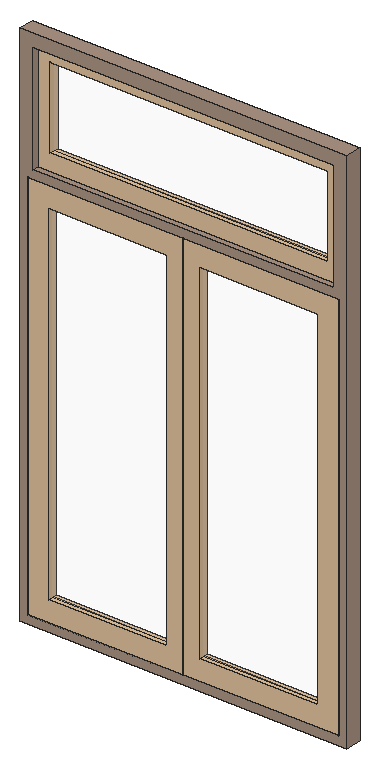
Revit family
Parameters (values of type "1200x1500 mm")
  Ventilator Height = 450 mm
  Top Rail = 60 mm
  Stile = 60 mm
  Shutter = Light Wood
  Panel = Glass (2)
  Height = 1500 mm
  Frame Width = 45 mm
  Frame Depth = 60 mm
  Frame = Dark Wood
  Default Sill Height = 800 mm
  Wall Closure = (empty or 0)
  Width = 1200 mm
  Bottom Rail = 60 mm
Types (4, lengths in mm): name | Width
  (no name) | 1200
  1500x1500 mm | 1500
  1200x1500 mm | 1200
  1800x1500 mm | 1800
Reference planes
  plane 1: y = 5
  plane 2 "Center (Left/Right)": x = 0
  plane 3 "Left": x = -600
  plane 4 "Right": x = 600
  plane 5 "Sill": z = 800
  plane 6 "Head": z = 2300
  plane 7 "Exterior": y = 80
  plane 8 "Interior": y = -70
  plane 9: x = -555
  plane 10: x = 555
  plane 11: y = 35
  plane 12: y = -25
  plane 13: z = 2255
  plane 14: z = 845
  plane 15: x = -495
  plane 16: x = 495
  plane 17: z = 2195
  plane 18: z = 905
  plane 19: x = -60
  plane 20: x = 60
  plane 21: z = 2750
Forms (mm)
  Sweep 1, solid, material "Dark Wood"
    path origin (0, 5, 0) x (1, 0, 0) y (0, 0, 1)
      loop
        line (-600, 800) -> (600, 800) -> (600, 2300) -> (-600, 2300) -> (-600, 800)
    profile origin (0, 0, 1550) x (-1, 0, 0) y (0, -1, 0)
      loop
        line (600, 25) -> (570, 25) -> (570, -10) -> (555, -10) -> (555, -35) -> (600, -35) -> (600, 25)
  Extrusion 2, solid, material "Light Wood" <- "Shutter"
    sketch origin (0, -25, 0) x (1, 0, 0) y (0, 0, 1)
      loop
        line (0, 830) -> (570, 830) -> (570, 2270) -> (0, 2270) -> (0, 830)
      loop
        line (60, 2195) -> (60, 905) -> (495, 905) -> (495, 2195) -> (60, 2195)
    from 0 to -35
  Extrusion 3, solid, material "Glass (2)" <- "Panel"
    sketch origin (0, 0, 905) x (0, -1, 0) y (-1, 0, 0)
      loop
        line (5.5, -60) -> (5.5, -495) -> (9.5, -495) -> (9.5, -60) -> (5.5, -60)
    from 0 to -1290
  Sweep 4, solid, material "Dark Wood"
    path origin (0, 5, 0) x (1, 0, 0) y (0, 0, 1)
      loop
        line (-600, 2300) -> (-600, 2750) -> (600, 2750) -> (600, 2300)
    profile origin (0, 0, 2525) x (-1, 0, 0) y (0, -1, 0)
      loop
        line (570, 0) -> (570, -35) -> (600, -35) -> (600, 25) -> (555, 25) -> (555, 0) -> (570, 0)
  Extrusion 5, solid, material "Light Wood" <- "Shutter"
    sketch origin (0, 35, 0) x (1, 0, 0) y (0, 0, 1)
      loop
        line (570, 2300) -> (570, 2720) -> (-570, 2720) -> (-570, 2300) -> (570, 2300)
      loop
        line (510, 2360) -> (510, 2660) -> (-510, 2660) -> (-510, 2360) -> (510, 2360)
    from 0 to 35
  Extrusion 6, solid, material "Glass (2)" <- "Panel"
    sketch origin (0, 5, 0) x (1, 0, 0) y (0, 0, 1)
      loop
        line (-510, 2660) -> (-510, 2360) -> (510, 2360) -> (510, 2660) -> (-510, 2660)
    from -14.712 to -10.712
  Extrusion 7, solid, material "Light Wood" <- "Shutter"
    sketch origin (0, -25, 0) x (1, 0, 0) y (0, 0, 1)
      loop
        line (-570, 2270) -> (-570, 830) -> (0, 830) -> (0, 2270) -> (-570, 2270)
      loop
        line (-495, 2195) -> (-495, 905) -> (-60, 905) -> (-60, 2195) -> (-495, 2195)
    from 0 to -35
  Extrusion 8, solid, material "Glass (2)" <- "Panel"
    sketch origin (0, 0, 905) x (0, -1, 0) y (-1, 0, 0)
      loop
        line (5.5, 495) -> (5.5, 60) -> (9.5, 60) -> (9.5, 495) -> (5.5, 495)
    from 0 to -1290
Cuts and joins
  joined: Sweep 1, Sweep 4
Lines and regions (mm)
  Opening 1
    outline origin (3500, -70, 0) x (1, 0, 0) y (0, 0, 1)
      loop
        line (-2900, 800) -> (-2900, 2300) -> (-2900, 2750) -> (-4100, 2750) -> (-4100, 2300) -> (-4100, 800) -> (-2900, 800)
  symbolic lines, style "WindowsFrameMullionProjection", detail levels medium+fine
    curve 1: line (-600, 35, 0) -> (-555, 35, 0)
    curve 2: line (-555, 35, 0) -> (-555, -15, 0)
    curve 3: line (-570, -15, 0) -> (-555, -15, 0)
    curve 4: line (-570, -15, 0) -> (-570, -25, 0)
    curve 5: line (-600, -25, 0) -> (-570, -25, 0)
    curve 6: line (600, 35, 0) -> (555, 35, 0)
    curve 7: line (555, 35, 0) -> (555, 5, 0)
    curve 8: line (555, 10, 0) -> (570, 10, 0)
    curve 9: line (570, 10, 0) -> (570, -25, 0)
    curve 10: line (570, -25, 0) -> (600, -25, 0)
    curve 11: line (600, -25, 0) -> (600, 35, 0)
    curve 12: line (-600, 35, 0) -> (-600, -25, 0)
  symbolic lines, style "Plan Swing"
    curve 13: line (-570, -25, 0) -> (570, -25, 0)
  symbolic lines, style "WindowsFrameMullionProjection", detail levels coarse
    curve 14: line (-570, -25, 0) -> (-600, -25, 0)
    curve 15: line (-570, 35, 0) -> (-570, -25, 0)
    curve 16: line (-600, 35, 0) -> (-570, 35, 0)
    curve 17: line (-600, -25, 0) -> (-600, 35, 0)
    curve 18: line (570, -25, 0) -> (600, -25, 0)
    curve 19: line (570, 35, 0) -> (570, -25, 0)
    curve 20: line (600, 35, 0) -> (570, 35, 0)
    curve 21: line (600, -25, 0) -> (600, 35, 0)
  symbolic lines, style "Plan Swing", detail levels coarse
    curve 22: line (-570, 10, 0) -> (570, 10, 0)
  symbolic lines, style "Elevation Swing Coarse", detail levels coarse
    curve 23: line (555, 0, 1550) -> (0, 0, 2255)
    curve 24: line (0, 0, 2255) -> (-555, 0, 1550)
    curve 25: line (-555, 0, 1550) -> (0, 0, 845)
    curve 26: line (0, 0, 845) -> (555, 0, 1550)
  symbolic lines, style "Elevation Swing Medium", detail levels medium
    curve 27: line (555, 0, 1550) -> (0, 0, 2255)
    curve 28: line (0, 0, 2255) -> (-555, 0, 1550)
    curve 29: line (-555, 0, 1550) -> (0, 0, 845)
    curve 30: line (0, 0, 845) -> (555, 0, 1550)
  symbolic lines, style "Elevation Swing Fine", detail levels fine
    curve 31: line (555, 0, 1550) -> (0, 0, 2255)
    curve 32: line (0, 0, 2255) -> (-555, 0, 1550)
    curve 33: line (-555, 0, 1550) -> (0, 0, 845)
    curve 34: line (0, 0, 845) -> (555, 0, 1550)
Text (mm)
  text "EXTERIOR" at (-1963.203, 1332.353, 0), in view "Ref. Level"
  text "INTERIOR" at (-1981.466, -818.386, 0), in view "Ref. Level"
  text "Exterior" at (0, 923.751, 2943.296), in view "Right"
  text "Exterior" at (0, 1040.484, 2685.409), in view "Left"
Dimensions and locks
  equal spacing: plane 3 "Left", plane 2 "Center (Left/Right)", plane 4 "Right"
  "Width": plane 3 "Left" to plane 4 "Right"
  "Height": plane 5 "Sill" to plane 6 "Head"
  "Default Sill Height": plane 5 "Sill" to level
  locked: plane 7 "Exterior" to host wall at 0
  locked: plane 8 "Interior" to host wall
  locked: Sweep 1 sketch curve to Sweep 1 sketch curve at 15
  locked: Sweep 1 sketch curve to Sweep 1 sketch curve at 35
  "Frame Width": plane 3 "Left" to plane 9
  "Frame Width": plane 10 to plane 4 "Right"
  equal spacing: plane 12, plane 1, plane 11
  "Frame Depth": plane 12 to plane 11
  "Frame Width": plane 6 "Head" to plane 13
  "Frame Width": plane 14 to plane 5 "Sill"
  "Stile": plane 15 to plane 9
  "Stile": plane 10 to plane 16
  "Stile": plane 2 "Center (Left/Right)" to plane 19
  "Stile": plane 20 to plane 2 "Center (Left/Right)"
  "Top Rail": plane 13 to plane 17
  "Bottom Rail": plane 18 to plane 14
  "Ventilator Height": plane 21 to plane 6 "Head"
  locked: Sweep 4 sketch curve to Sweep 4 sketch curve at 15
  locked: Sweep 4 sketch curve to Sweep 4 sketch curve at 35
  locked: Extrusion 5 to Extrusion 6 at 15.712
  locked: Extrusion 6 to Sweep 4 at 15.288
  equal spacing: plane 8 "Interior", plane 1, plane 7 "Exterior"
  equal spacing: plane 14, curve 25, plane 13
  equal spacing: plane 14, curve 26, plane 13
  aligned and locked: host wall to Sweep 1 sketch curve
  aligned and locked: Sweep 1 sketch curve to host wall  (x2)
  aligned and locked: Sweep 1 sketch curve to plane 12
  aligned and locked: Sweep 1 sketch curve to plane 3 "Left"
  aligned and locked: Sweep 1 sketch curve to plane 11
  aligned and locked: plane 9 to Sweep 1 sketch curve
  aligned and locked: Extrusion 2 sketch curve to plane 20
  aligned and locked: plane 17 to Extrusion 2 sketch curve
  aligned and locked: plane 18 to Extrusion 2 sketch curve
  aligned and locked: plane 16 to Extrusion 2 sketch curve
  aligned and locked: curve 1 to Sweep 1  (x2)
  aligned and locked: curve 2 to Sweep 1
  aligned and locked: curve 3 to Sweep 1
  aligned and locked: Sweep 1 to curve 5
  aligned and locked: Sweep 1 to curve 6
  aligned and locked: curve 7 to Sweep 1
  aligned and locked: curve 7 to curve 8
  aligned and locked: Sweep 1 to curve 8
  aligned and locked: Sweep 1 to curve 9
  aligned and locked: curve 11 to Sweep 1
  aligned and locked: plane 3 "Left" to Opening 1 sketch curve
  aligned and locked: Opening 1 sketch curve to plane 21
  aligned and locked: Sweep 4 sketch curve to host wall  (x3)
  aligned and locked: Extrusion 5 sketch curve to Sweep 4
  aligned and locked: Extrusion 2 to Sweep 1
  aligned and locked: plane 12 to Extrusion 2
  aligned and locked: Sweep 4 sketch curve to plane 11
  aligned and locked: Sweep 4 sketch curve to Sweep 1  (x2)
  aligned and locked: Sweep 1 to Sweep 4 sketch curve
  aligned and locked: Extrusion 5 to Extrusion 6 sketch curve
  aligned and locked: Extrusion 6 sketch curve to Extrusion 5  (x3)
  aligned and locked: Extrusion 5 to Sweep 4
  aligned and locked: Extrusion 5 to plane 11
  aligned and locked: curve 13 to plane 12
  aligned and locked: curve 21 to Sweep 1
  aligned and locked: Extrusion 2 to plane 2 "Center (Left/Right)"
  aligned and locked: Extrusion 7 sketch curve to cut or joined group of Sweep 1, Sweep 4  (x2)
  aligned and locked: Extrusion 7 sketch curve to Extrusion 2  (x2)
  aligned and locked: Extrusion 7 sketch curve to Extrusion 3
  aligned and locked: plane 15 to Extrusion 7 sketch curve
  aligned and locked: Extrusion 7 sketch curve to plane 19
  aligned and locked: Extrusion 7 sketch curve to plane 18
  aligned and locked: Extrusion 3 to Extrusion 2  (x2)
  aligned and locked: plane 15 to Extrusion 8 sketch curve  (x2)
  aligned and locked: plane 19 to Extrusion 8 sketch curve  (x2)
  aligned and locked: Extrusion 2 to Extrusion 8
  aligned and locked: Extrusion 8 to Extrusion 2
  aligned and locked: Extrusion 5 sketch curve to cut or joined group of Sweep 1, Sweep 4
  aligned and locked: curve 15 to curve 22
  aligned and locked: curve 22 to cut or joined group of Sweep 1, Sweep 4
  aligned and locked: curve 23 to cut or joined group of Sweep 1, Sweep 4  (x2)
  aligned and locked: cut or joined group of Sweep 1, Sweep 4 to curve 24
  aligned and locked: curve 25 to cut or joined group of Sweep 1, Sweep 4
Automatic sketch dimensions
  plane 2 "Center (Left/Right)" to Extrusion 2 sketch curve = 0 mm
  plane 10 to Extrusion 2 sketch curve = 15 mm
  plane 14 to Extrusion 2 sketch curve = 15 mm
  Extrusion 2 sketch curve to plane 13 = 15 mm
  Opening 1 sketch curve to plane 4 "Right" = 0 mm
  Opening 1 sketch curve to plane 5 "Sill" = 0 mm
  Opening 1 sketch curve to plane 6 "Head" = 0 mm  (x2)
  Sweep 1 sketch curve to plane 6 "Head" = 0 mm
  Sweep 4 sketch curve to plane 6 "Head" = 0 mm  (x2)
  Extrusion 5 sketch curve to plane 9 = 15 mm
  plane 10 to Extrusion 5 sketch curve = 15 mm
  Extrusion 5 sketch curve to plane 6 "Head" = 60 mm
  Extrusion 5 sketch curve to Extrusion 5 sketch curve = 60 mm  (x3)
  Extrusion 3 sketch curve to plane 16 = 0 mm
  Extrusion 3 sketch curve to plane 12 = 19.5 mm
  Extrusion 3 sketch curve to Extrusion 3 sketch curve = 4 mm
  Extrusion 3 sketch curve to plane 20 = 0 mm
  Extrusion 8 sketch curve to plane 12 = 19.5 mm
  Extrusion 8 sketch curve to Extrusion 8 sketch curve = 4 mm
  plane 10 to curve 19 = 15 mm
  host wall to curve 3 = 20 mm
  curve 7 to curve 8 = 5 mm
  curve 33 to plane 2 "Center (Left/Right)" = 0 mm
  curve 23 to plane 2 "Center (Left/Right)" = 0 mm
